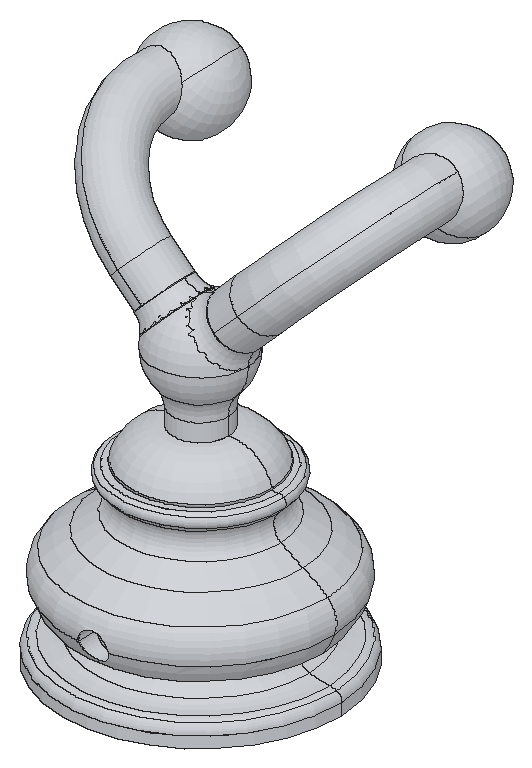
Revit family "Accessory-Robe_Hook-KOHLER-Fairfax-K-12153", category Specialty Equipment, host Face, Revit 2015
Parameters (values of type "CP-Polished Chrome")
  Width = 2 1/2"  # constant formula
  URL = "https://www.us.kohler.com/us/"
  Type = 1
  Product Page URL = "http://www.us.kohler.com/us/catalog/productDetails.jsp?productNumber=12153"
  Product Name = "Fairfax"  # constant formula
  Product Documentation Link = "http://www.us.kohler.com/onlinecatalog/pdf/K-12153_spec.pdf"
  Model = if(Type = 1, "K-12153-CP", if(Type = 2, "K-12153-BN", if(Type = 3, "K-12153-2BZ", "NA")))  # "K-12153-CP"
  Material = "Brass Construction"  # constant formula
  MasterFormat 2004 = "10.28.13"  # constant formula
  MasterFormat 1995 = "10820"  # constant formula
  Manufacturer Address = "444 Highland Dr, Kohler, WI 53044"  # constant formula
  Manufacturer = "KOHLER Co."  # constant formula
  Length = 4"  # constant formula
  Height = 1 3/4"  # constant formula
  Finish = Kohler-Metal-CP-Polished_Chrome
  Environmental Product Declaration = ""
  Description = "Double robe hook"  # constant formula
  Default Elevation = 42"
  Declare Label = ""
  Date Modified = "11/28/2018"  # constant formula
  Date Created = "11/28/2018"  # constant formula
  Copyright = "Copyright KOHLER Co."  # constant formula
  Contact Us = "https://www.us.kohler.com/us/static/contact.jsp"
  Assembly Code = "C1030200"
  ADA Compliant = 1 = 0  # no
Types (4): name | Type | Model | Finish
  (no name) | 1 | "K-12153-CP" | Kohler-Metal-CP-Polished_Chrome
  CP-Polished Chrome | 1 | "K-12153-CP" | Kohler-Metal-CP-Polished_Chrome
  2BZ-Oil-Rubbed Bronze | 3 | "K-12153-2BZ" | Kohler-Metal-2BZ-Oil_Rubbed_Bronze
  BN-Vibrant Brushed Nickel | 2 | "K-12153-BN" | Kohler-Metal-BN-Vibrant_Brushed_Nickel
Reference planes (in)
  plane 1 "Center (Front/Back)": y = 0
  plane 2: z = 0
  plane 3 "Center (Left/Right)": x = 0
  plane 4: x = 1.25
  plane 5: x = -1.25
  plane 6: y = 1.25
  plane 7: y = -1.25
  plane 8: z = 4
  plane 9: y = 1.75
Dimensions and locks (in)
  "Width": plane 7 to plane 6
  "Length": plane 8 to level
  "Height": plane 9 to plane 1 "Center (Front/Back)"
  aligned and locked: plane 2 to host face
  aligned and locked: level to host face
Automatic sketch dimensions
  host sketch curve to host sketch curve = 96"  (x2)
Nested families (in)
  nested 1: "K-12153" at (0, 0, 0), type "K-12153"
Definition of nested family "K-12153"
  Parameters (values of type "K-12153")
    Material = none
  Reference planes (in)
    plane 1 "Center (Front/Back)": y = 0
    plane 2: z = 0
    plane 3 "Center (Left/Right)": x = 0
    plane 4: x = 1.25
    plane 5: x = -1.25
    plane 6: y = 1.25
    plane 7: y = -1.25
    plane 8: z = 4
    plane 9: y = 1.75
  Forms (in)
    Revolve 1, solid, material <- "Material", detail levels medium+fine
      sketch origin (0, 0, 0) x (1, 0, 0) y (0, 0, 1)
        loop
          arc (-0.79194, 0.44291) -> (-0.85448, 0.32376) -> (-0.95937, 0.23946) r 0.33016
          arc (-0.95937, 0.23946) -> (-1.04471, 0.20878) -> (-1.135, 0.20044) r 0.35922
          arc (-1.135, 0.20044) -> (-1.1676, 0.19631) -> (-1.19723, 0.18211) r 0.10282
          arc (-1.19723, 0.18211) -> (-1.22878, 0.14632) -> (-1.24016, 0.09999) r 0.10001
          line (-1.24016, 0.09999) -> (-1.24016, 0) -> (0, 0) -> (0, 2.90092)
          arc (0, 2.90092) -> (-0.30513, 2.773) -> (-0.42528, 2.46472) r 0.42373
          arc (-0.42528, 2.46472) -> (-0.39531, 2.3198) -> (-0.3176, 2.19385) r 0.42629
          arc (-0.3176, 2.19385) -> (-0.26598, 2.10879) -> (-0.24799, 2.01093) r 0.27514
          line (-0.24799, 2.01093) -> (-0.24799, 1.85704)
          arc (-0.24799, 1.85704) -> (-0.48703, 1.78492) -> (-0.63402, 1.58309) r 0.39198
          arc (-0.63402, 1.58309) -> (-0.63107, 1.5652) -> (-0.61489, 1.55701) r 0.02006
          line (-0.61489, 1.55701) -> (-0.6875, 1.55701)
          arc (-0.6875, 1.55701) -> (-0.712, 1.55133) -> (-0.73263, 1.53692) r 0.06629
          arc (-0.73263, 1.53692) -> (-0.75005, 1.49395) -> (-0.73263, 1.45097) r 0.06172
          arc (-0.73263, 1.45097) -> (-0.71118, 1.42875) -> (-0.68985, 1.40642) r 5.95788
          arc (-0.68985, 1.40642) -> (-0.64659, 1.28732) -> (-0.70447, 1.17461) r 0.15842
          arc (-0.70447, 1.17461) -> (-0.79979, 1.10425) -> (-0.90154, 1.04357) r 1.20802
          arc (-0.90154, 1.04357) -> (-1.01456, 0.97302) -> (-1.11673, 0.8875) r 0.96066
          arc (-1.11673, 0.8875) -> (-1.18929, 0.75998) -> (-1.18093, 0.61349) r 0.25901
          arc (-1.18093, 0.61349) -> (-1.14027, 0.52422) -> (-1.08539, 0.44291) r 0.59031
          line (-1.08539, 0.44291) -> (-0.79194, 0.44291)
        axis (0, 2.90092) -> (0, 0)
      angle from 0 to 360
    Extrusion 2, void
      sketch origin (0, 0, 0) x (1, 0, 0) y (0, 0, 1)
        loop
          circle (0, 0.62193) r 0.13243
      from 0.97496 to 1.21449
    Revolve 3, solid, material <- "Material", detail levels medium+fine
      sketch origin (-1.15165, -0.03135, 3.58496) x (0.707107, 0, 0.707107) y (0, 1, 0)
        loop
          line (-0.41569, 1.3621) -> (0.41504, 1.3621)
          arc (0.41504, 1.3621) -> (-0.00032, 1.77747) -> (-0.41569, 1.3621) r 0.41536
        axis (-0.41569, 1.3621) -> (0.41504, 1.3621)
      angle from 0 to 360
    Sweep 4, solid, material <- "Material", detail levels medium+fine
      path origin (0.92979, 0.00381, 1.54564) x (0, 1, 0) y (-0.707107, 0, 0.707107)
        loop
          line (0, 1.76394) -> (0, 2.06028)
          arc (0, 2.06028) -> (0.34866, 2.79965) -> (1.14093, 3.00099) r 0.95828
      profile origin (-0.3175, 0.00381, 2.79293) x (0, -1, 0) y (0.707107, 0, 0.707107)
        loop
          spline (0.25185, 0) -> (0.2434, 0.0647) -> (0.21861, 0.125) -> (0.17918, 0.17678) -> (0.12779, 0.21651) -> (0.06794, 0.24148) -> (0.00372, 0.25) -> (-0.0605, 0.24148) -> (-0.12034, 0.21651) -> (-0.17173, 0.17678) -> (-0.21116, 0.125) -> (-0.23595, 0.0647) -> (-0.2444, 0)
          spline (-0.2444, 0) -> (-0.23595, -0.0647) -> (-0.21116, -0.125) -> (-0.17173, -0.17678) -> (-0.12034, -0.21651) -> (-0.0605, -0.24148) -> (0.00372, -0.25) -> (0.06794, -0.24148) -> (0.12779, -0.21651) -> (0.17918, -0.17678) -> (0.21861, -0.125) -> (0.2434, -0.0647) -> (0.25185, 0)
    Revolve 5, solid, material <- "Material", detail levels medium+fine
      sketch origin (1.15165, -0.03135, 3.58496) x (-0.707107, 0, 0.707107) y (0, -1, 0)
        loop
          arc (-0.41569, -1.3621) -> (-0.00032, -1.77747) -> (0.41504, -1.3621) r 0.41536
          line (0.41504, -1.3621) -> (-0.41569, -1.3621)
        axis (-0.41569, -1.3621) -> (0.41504, -1.3621)
      angle from 0 to 360
    Sweep 6, solid, material <- "Material", detail levels medium+fine
      path origin (-0.92979, 0.00381, 1.54564) x (0, 1, 0) y (-0.707107, 0, -0.707107)
        loop
          line (0, -1.76394) -> (0, -2.06028)
          arc (0, -2.06028) -> (0.34866, -2.79965) -> (1.14093, -3.00099) r 0.95828
      profile origin (0.3175, 0.00381, 2.79293) x (0, 1, 0) y (-0.707107, 0, 0.707107)
        loop
          spline (-0.25185, 0) -> (-0.2434, -0.0647) -> (-0.21861, -0.125) -> (-0.17918, -0.17678) -> (-0.12779, -0.21651) -> (-0.06794, -0.24148) -> (-0.00372, -0.25) -> (0.0605, -0.24148) -> (0.12034, -0.21651) -> (0.17173, -0.17678) -> (0.21116, -0.125) -> (0.23595, -0.0647) -> (0.2444, 0)
          spline (0.2444, 0) -> (0.23595, 0.0647) -> (0.21116, 0.125) -> (0.17173, 0.17678) -> (0.12034, 0.21651) -> (0.0605, 0.24148) -> (-0.00372, 0.25) -> (-0.06794, 0.24148) -> (-0.12779, 0.21651) -> (-0.17918, 0.17678) -> (-0.21861, 0.125) -> (-0.2434, 0.0647) -> (-0.25185, 0)
    Revolve 7, solid, material <- "Material", detail levels medium+fine
      sketch origin (0, 0, 0) x (-1, 0, 0) y (0, 0, 1)
        loop
          line (-0.3175, 2.79293) -> (-0.49305, 2.61738)
          arc (-0.49305, 2.61738) -> (-0.44265, 2.54614) -> (-0.42292, 2.46112) r 0.22657
          line (-0.42292, 2.46112) -> (-0.2043, 2.67974) -> (-0.3175, 2.79293)
        axis (-0.3175, 2.79293) -> (-0.2043, 2.67974)
      angle from 0 to 360
    Revolve 8, solid, material <- "Material", detail levels medium+fine
      sketch origin (0, 0, 0) x (1, 0, 0) y (0, 0, 1)
        loop
          line (-0.3175, 2.79293) -> (-0.49305, 2.61738)
          arc (-0.49305, 2.61738) -> (-0.44265, 2.54614) -> (-0.42292, 2.46112) r 0.22657
          line (-0.42292, 2.46112) -> (-0.2043, 2.67974) -> (-0.3175, 2.79293)
        axis (-0.3175, 2.79293) -> (-0.2043, 2.67974)
      angle from 0 to 360
    Revolve 9, solid, material <- "Material", detail levels coarse
      sketch origin (0, 0, 0) x (0, 1, 0) y (0, 0, 1)
        loop
          line (1.25, 0) -> (1.25, 0.20355) -> (1.08539, 0.20355) -> (1.08539, 1.55701) -> (0.61489, 1.55701) -> (0.61489, 1.85704) -> (0.3182, 1.85704) -> (0.3182, 2.04137)
          arc (0.3182, 2.04137) -> (0.50815, 2.60553) -> (0, 2.9156) r 0.47699
          line (0, 2.9156) -> (0, 0) -> (1.25, 0)
        axis (0, 2.9156) -> (0, 0)
      angle from 0 to 360
    Sweep 10, solid, material <- "Material", detail levels coarse
      path origin (-0.95246, 0.00381, 1.51439) x (0, 1, 0) y (-0.707107, 0, -0.707107)
        loop
          line (0, -1.46516) -> (0, -2.06028)
          arc (0, -2.06028) -> (0.34866, -2.79965) -> (1.14093, -3.00099) r 0.95828
      profile origin (0.08357, 0.00381, 2.55041) x (0, 1, 0) y (-0.707107, 0, 0.707107)
        loop
          spline (-0.3636, 0) -> (-0.35134, -0.09133) -> (-0.31538, -0.17643) -> (-0.25819, -0.2495) -> (-0.18366, -0.30558) -> (-0.09687, -0.34083) -> (-0.00372, -0.35285) -> (0.08942, -0.34083) -> (0.17621, -0.30558) -> (0.25075, -0.2495) -> (0.30794, -0.17643) -> (0.34389, -0.09133) -> (0.35615, 0)
          spline (0.35615, 0) -> (0.34389, 0.09133) -> (0.30794, 0.17643) -> (0.25075, 0.2495) -> (0.17621, 0.30558) -> (0.08942, 0.34083) -> (-0.00372, 0.35285) -> (-0.09687, 0.34083) -> (-0.18366, 0.30558) -> (-0.25819, 0.2495) -> (-0.31538, 0.17643) -> (-0.35134, 0.09133) -> (-0.3636, 0)
    Revolve 11, solid, material <- "Material", detail levels coarse
      sketch origin (1.15165, -0.03135, 3.58496) x (-0.707107, 0, 0.707107) y (0, -1, 0)
        loop
          arc (-0.53412, -1.3621) -> (-0.00032, -1.89589) -> (0.53347, -1.3621) r 0.53379
          line (0.53347, -1.3621) -> (-0.53412, -1.3621)
        axis (-0.53412, -1.3621) -> (0.53347, -1.3621)
      angle from 0 to 360
    Sweep 12, solid, material <- "Material", detail levels coarse
      path origin (0.95246, 0.00381, 1.51439) x (0, 1, 0) y (-0.707107, 0, 0.707107)
        loop
          line (0, 1.46516) -> (0, 2.06028)
          arc (0, 2.06028) -> (0.34866, 2.79965) -> (1.14093, 3.00099) r 0.95828
      profile origin (-0.08357, 0.00381, 2.55041) x (0, -1, 0) y (0.707107, 0, 0.707107)
        loop
          spline (0.3636, 0) -> (0.35134, 0.09133) -> (0.31538, 0.17643) -> (0.25819, 0.2495) -> (0.18366, 0.30558) -> (0.09687, 0.34083) -> (0.00372, 0.35285) -> (-0.08942, 0.34083) -> (-0.17621, 0.30558) -> (-0.25075, 0.2495) -> (-0.30794, 0.17643) -> (-0.34389, 0.09133) -> (-0.35615, 0)
          spline (-0.35615, 0) -> (-0.34389, -0.09133) -> (-0.30794, -0.17643) -> (-0.25075, -0.2495) -> (-0.17621, -0.30558) -> (-0.08942, -0.34083) -> (0.00372, -0.35285) -> (0.09687, -0.34083) -> (0.18366, -0.30558) -> (0.25819, -0.2495) -> (0.31538, -0.17643) -> (0.35134, -0.09133) -> (0.3636, 0)
    Revolve 13, solid, material <- "Material", detail levels coarse
      sketch origin (-1.15165, -0.03135, 3.58496) x (0.707107, 0, 0.707107) y (0, 1, 0)
        loop
          line (-0.53412, 1.3621) -> (0.53347, 1.3621)
          arc (0.53347, 1.3621) -> (-0.00032, 1.89589) -> (-0.53412, 1.3621) r 0.53379
        axis (-0.53412, 1.3621) -> (0.53347, 1.3621)
      angle from 0 to 360
  Cuts and joins
    Extrusion 2 cuts Revolve 1
    joined: Revolve 1, Revolve 3, Sweep 4, Revolve 5, Sweep 6
    joined: Revolve 9, Sweep 10, Revolve 11, Sweep 12, Revolve 13
  Lines and regions (in)
    Masking region 1
      outline origin (0, 0, 0) x (1, 0, 0) y (0, 1, 0)
        loop
          arc (-1.23735, 0.17737) -> (-1.24683, 0.08891) -> (-1.25, 0) r 1.25
          arc (-1.25, 0) -> (-0.88388, -0.88388) -> (0, -1.25) r 1.25
          arc (0, -1.25) -> (0.88388, -0.88388) -> (1.25, 0) r 1.25
          arc (1.25, 0) -> (1.24683, 0.08891) -> (1.23735, 0.17737) r 1.25
          arc (1.23735, 0.17737) -> (1.40767, 0.59523) -> (1.45263, 1.04422) r 1.57631
          arc (1.45263, 1.04422) -> (1.53424, 1.49534) -> (1.15304, 1.75) r 0.41801
          arc (1.15304, 1.75) -> (0.74542, 1.43417) -> (0.95753, 0.96416) r 0.41637
          arc (0.95753, 0.96416) -> (0.95503, 0.88975) -> (0.94715, 0.81572) r 1.02799
          arc (0.94715, 0.81572) -> (0.52099, 1.13625) -> (0, 1.25) r 1.25
          arc (0, 1.25) -> (-0.52099, 1.13625) -> (-0.94715, 0.81572) r 1.25
          arc (-0.94715, 0.81572) -> (-0.95503, 0.88975) -> (-0.95753, 0.96416) r 1.02799
          arc (-0.95753, 0.96416) -> (-0.74542, 1.43417) -> (-1.15304, 1.75) r 0.41637
          arc (-1.15304, 1.75) -> (-1.53424, 1.49534) -> (-1.45263, 1.04422) r 0.41801
          arc (-1.45263, 1.04422) -> (-1.40767, 0.59523) -> (-1.23735, 0.17737) r 1.57631
    Masking region 2
      outline origin (0, 0, 0) x (1, 0, 0) y (0, 0, 1)
        loop
          line (0.79194, 0.44291) -> (1.08539, 0.44291)
          arc (1.08539, 0.44291) -> (1.12115, 0.49211) -> (1.15108, 0.54506) r 0.53319
          arc (1.15108, 0.54506) -> (1.16651, 0.57834) -> (1.18037, 0.6123) r 0.78731
          arc (1.18037, 0.6123) -> (1.19654, 0.7099) -> (1.17345, 0.8061) r 0.24908
          arc (1.17345, 0.8061) -> (1.14089, 0.8598) -> (1.09743, 0.90512) r 0.28701
          arc (1.09743, 0.90512) -> (1.04735, 0.94587) -> (0.99617, 0.98521) r 2.33532
          arc (0.99617, 0.98521) -> (0.94288, 1.02124) -> (0.88645, 1.0521) r 0.68442
          arc (0.88645, 1.0521) -> (0.78753, 1.10986) -> (0.69837, 1.18177) r 0.7637
          arc (0.69837, 1.18177) -> (0.65501, 1.24988) -> (0.64963, 1.33045) r 0.1631
          arc (0.64963, 1.33045) -> (0.66771, 1.37872) -> (0.70123, 1.41788) r 0.14814
          arc (0.70123, 1.41788) -> (0.72088, 1.4363) -> (0.73797, 1.45712) r 0.20678
          arc (0.73797, 1.45712) -> (0.74302, 1.52236) -> (0.6875, 1.55701) r 0.06311
          line (0.6875, 1.55701) -> (0.61489, 1.55701)
          arc (0.61489, 1.55701) -> (0.63067, 1.56461) -> (0.63422, 1.58175) r 0.01978
          arc (0.63422, 1.58175) -> (0.48787, 1.785) -> (0.24799, 1.85704) r 0.38933
          line (0.24799, 1.85704) -> (0.24799, 2.01003)
          arc (0.24799, 2.01003) -> (0.25923, 2.08841) -> (0.29206, 2.16047) r 0.27883
          arc (0.29206, 2.16047) -> (0.31573, 2.19368) -> (0.34257, 2.22439) r 0.41273
          arc (0.34257, 2.22439) -> (0.40216, 2.33617) -> (0.42292, 2.46112) r 0.39131
          arc (0.42292, 2.46112) -> (0.44406, 2.54533) -> (0.49428, 2.61616) r 0.23551
          line (0.49428, 2.61616) -> (1.05825, 3.18013)
          arc (1.05825, 3.18013) -> (1.56609, 3.53389) -> (1.15892, 4) r 0.41551
          arc (1.15892, 4) -> (0.85493, 3.87381) -> (0.73741, 3.56637) r 0.41661
          line (0.73741, 3.56637) -> (0.14074, 2.9697)
          arc (0.14074, 2.9697) -> (0.07611, 2.92355) -> (0, 2.90089) r 0.24126
          arc (0, 2.90089) -> (-0.07611, 2.92355) -> (-0.14074, 2.9697) r 0.24126
          line (-0.14074, 2.9697) -> (-0.73741, 3.56637)
          arc (-0.73741, 3.56637) -> (-0.85493, 3.87381) -> (-1.15892, 4) r 0.41661
          arc (-1.15892, 4) -> (-1.56609, 3.53389) -> (-1.05825, 3.18013) r 0.41551
          line (-1.05825, 3.18013) -> (-0.49428, 2.61616)
          arc (-0.49428, 2.61616) -> (-0.44406, 2.54533) -> (-0.42292, 2.46112) r 0.23551
          arc (-0.42292, 2.46112) -> (-0.40216, 2.33617) -> (-0.34257, 2.22439) r 0.39131
          arc (-0.34257, 2.22439) -> (-0.31573, 2.19368) -> (-0.29206, 2.16047) r 0.41273
          arc (-0.29206, 2.16047) -> (-0.25923, 2.08841) -> (-0.24799, 2.01003) r 0.27883
          line (-0.24799, 2.01003) -> (-0.24799, 1.85704)
          arc (-0.24799, 1.85704) -> (-0.48787, 1.785) -> (-0.63422, 1.58175) r 0.38933
          arc (-0.63422, 1.58175) -> (-0.63067, 1.56461) -> (-0.61489, 1.55701) r 0.01978
          line (-0.61489, 1.55701) -> (-0.6875, 1.55701)
          arc (-0.6875, 1.55701) -> (-0.74302, 1.52236) -> (-0.73797, 1.45712) r 0.06311
          arc (-0.73797, 1.45712) -> (-0.72088, 1.4363) -> (-0.70123, 1.41788) r 0.20678
          arc (-0.70123, 1.41788) -> (-0.66771, 1.37872) -> (-0.64963, 1.33045) r 0.14814
          arc (-0.64963, 1.33045) -> (-0.65501, 1.24988) -> (-0.69837, 1.18177) r 0.1631
          arc (-0.69837, 1.18177) -> (-0.78753, 1.10986) -> (-0.88645, 1.0521) r 0.7637
          arc (-0.88645, 1.0521) -> (-0.94288, 1.02124) -> (-0.99617, 0.98521) r 0.68442
          arc (-0.99617, 0.98521) -> (-1.04735, 0.94587) -> (-1.09743, 0.90512) r 2.33532
          arc (-1.09743, 0.90512) -> (-1.14089, 0.8598) -> (-1.17345, 0.8061) r 0.28701
          arc (-1.17345, 0.8061) -> (-1.19654, 0.7099) -> (-1.18037, 0.6123) r 0.24908
          arc (-1.18037, 0.6123) -> (-1.16651, 0.57834) -> (-1.15108, 0.54506) r 0.78731
          arc (-1.15108, 0.54506) -> (-1.12115, 0.49211) -> (-1.08539, 0.44291) r 0.53319
          line (-1.08539, 0.44291) -> (-0.79194, 0.44291)
          arc (-0.79194, 0.44291) -> (-0.90831, 0.27208) -> (-1.10223, 0.20049) r 0.33924
          line (-1.10223, 0.20049) -> (-1.14928, 0.20049)
          arc (-1.14928, 0.20049) -> (-1.22039, 0.17214) -> (-1.25, 0.10154) r 0.09896
          line (-1.25, 0.10154) -> (-1.25, 0) -> (0, 0) -> (1.25, 0) -> (1.25, 0.10154)
          arc (1.25, 0.10154) -> (1.22039, 0.17214) -> (1.14928, 0.20049) r 0.09896
          line (1.14928, 0.20049) -> (1.10223, 0.20049)
          arc (1.10223, 0.20049) -> (0.90831, 0.27208) -> (0.79194, 0.44291) r 0.33924
    Masking region 3
      outline origin (0, 0, 0) x (0, 1, 0) y (0, 0, 1)
        loop
          arc (1.09455, 3.92601) -> (0.78689, 3.92437) -> (0.48643, 3.85816) r 1.4569
          arc (0.48643, 3.85816) -> (0.22737, 3.73902) -> (0, 3.56697) r 1.31824
          arc (0, 3.56697) -> (-0.11716, 3.42603) -> (-0.19709, 3.2611) r 0.75836
          arc (-0.19709, 3.2611) -> (-0.23535, 3.10977) -> (-0.24821, 2.9542) r 0.94675
          line (-0.24821, 2.9542) -> (-0.24821, 2.82144)
          arc (-0.24821, 2.82144) -> (-0.425, 2.52099) -> (-0.31454, 2.19035) r 0.42075
          arc (-0.31454, 2.19035) -> (-0.26545, 2.10623) -> (-0.24799, 2.01034) r 0.27795
          line (-0.24799, 2.01034) -> (-0.24799, 1.85704)
          arc (-0.24799, 1.85704) -> (-0.48797, 1.78439) -> (-0.63455, 1.58096) r 0.39122
          arc (-0.63455, 1.58096) -> (-0.63115, 1.56371) -> (-0.61489, 1.55701) r 0.01858
          line (-0.61489, 1.55701) -> (-0.6875, 1.55701)
          arc (-0.6875, 1.55701) -> (-0.74158, 1.52576) -> (-0.74192, 1.46331) r 0.06277
          arc (-0.74192, 1.46331) -> (-0.68956, 1.40866) -> (-0.65208, 1.34291) r 0.3086
          arc (-0.65208, 1.34291) -> (-0.6427, 1.28633) -> (-0.65951, 1.2315) r 0.12531
          arc (-0.65951, 1.2315) -> (-0.70917, 1.16811) -> (-0.77405, 1.12043) r 0.29645
          arc (-0.77405, 1.12043) -> (-0.93631, 1.02304) -> (-1.08959, 0.91205) r 2.19786
          arc (-1.08959, 0.91205) -> (-1.14762, 0.8504) -> (-1.18545, 0.77465) r 0.29114
          arc (-1.18545, 0.77465) -> (-1.19702, 0.69912) -> (-1.18344, 0.62392) r 0.23215
          arc (-1.18344, 0.62392) -> (-1.15664, 0.55919) -> (-1.1237, 0.49736) r 0.72257
          arc (-1.1237, 0.49736) -> (-1.10557, 0.46942) -> (-1.08539, 0.44291) r 0.44297
          line (-1.08539, 0.44291) -> (-0.79194, 0.44291)
          arc (-0.79194, 0.44291) -> (-0.90559, 0.27504) -> (-1.09411, 0.20049) r 0.34348
          line (-1.09411, 0.20049) -> (-1.15081, 0.20049)
          arc (-1.15081, 0.20049) -> (-1.22101, 0.17082) -> (-1.25, 0.10034) r 0.10016
          line (-1.25, 0.10034) -> (-1.25, 0) -> (0, 0) -> (1.25, 0) -> (1.25, 0.10034)
          arc (1.25, 0.10034) -> (1.22101, 0.17082) -> (1.15081, 0.20049) r 0.10016
          line (1.15081, 0.20049) -> (1.09411, 0.20049)
          arc (1.09411, 0.20049) -> (0.90559, 0.27504) -> (0.79194, 0.44291) r 0.34348
          line (0.79194, 0.44291) -> (1.08539, 0.44291)
          arc (1.08539, 0.44291) -> (1.10557, 0.46942) -> (1.1237, 0.49736) r 0.44297
          arc (1.1237, 0.49736) -> (1.15664, 0.55919) -> (1.18344, 0.62392) r 0.72257
          arc (1.18344, 0.62392) -> (1.19702, 0.69912) -> (1.18545, 0.77465) r 0.23215
          arc (1.18545, 0.77465) -> (1.14762, 0.8504) -> (1.08959, 0.91205) r 0.29114
          arc (1.08959, 0.91205) -> (0.93631, 1.02304) -> (0.77405, 1.12043) r 2.19786
          arc (0.77405, 1.12043) -> (0.70917, 1.16811) -> (0.65951, 1.2315) r 0.29645
          arc (0.65951, 1.2315) -> (0.6427, 1.28633) -> (0.65208, 1.34291) r 0.12531
          arc (0.65208, 1.34291) -> (0.68956, 1.40866) -> (0.74192, 1.46331) r 0.3086
          arc (0.74192, 1.46331) -> (0.74158, 1.52576) -> (0.6875, 1.55701) r 0.06277
          line (0.6875, 1.55701) -> (0.61489, 1.55701)
          arc (0.61489, 1.55701) -> (0.63115, 1.56371) -> (0.63455, 1.58096) r 0.01858
          arc (0.63455, 1.58096) -> (0.48797, 1.78439) -> (0.24799, 1.85704) r 0.39122
          line (0.24799, 1.85704) -> (0.24838, 2.01034)
          arc (0.24838, 2.01034) -> (0.26545, 2.10623) -> (0.31454, 2.19035) r 0.27795
          arc (0.31454, 2.19035) -> (0.425, 2.52099) -> (0.24821, 2.82144) r 0.42075
          line (0.24821, 2.82144) -> (0.24821, 2.9542)
          arc (0.24821, 2.9542) -> (0.25367, 3.02708) -> (0.2699, 3.09835) r 0.48986
          arc (0.2699, 3.09835) -> (0.33996, 3.20113) -> (0.43316, 3.28351) r 0.50146
          arc (0.43316, 3.28351) -> (0.5523, 3.35064) -> (0.68121, 3.39629) r 0.79271
          arc (0.68121, 3.39629) -> (0.81168, 3.42231) -> (0.94427, 3.43326) r 1.16362
          arc (0.94427, 3.43326) -> (1.41647, 3.17344) -> (1.75, 3.59681) r 0.41668
          arc (1.75, 3.59681) -> (1.62256, 3.88261) -> (1.33248, 4) r 0.41826
          arc (1.33248, 4) -> (1.20787, 3.98114) -> (1.09455, 3.92601) r 0.41804
    symbolic lines, detail levels medium+fine
      curve 1: spline (0, 0.94427, 3.43326) -> (0, 0.95689, 3.43859) -> (0, 0.97378, 3.46034) -> (0, 0.99377, 3.49704) -> (0, 1.01551, 3.54618) -> (0, 1.03751, 3.60442) -> (0, 1.05828, 3.66778) -> (0, 1.0764, 3.73195) -> (0, 1.09064, 3.79255) -> (0, 1.10003, 3.84546) -> (0, 1.10392, 3.88707) -> (0, 1.10205, 3.91454) -> (0, 1.09455, 3.92601)
      curve 2: spline (0, 0, 2.61631) -> (0, 0.03481, 2.61803) -> (0, 0.06893, 2.62317) -> (0, 0.10171, 2.63161) -> (0, 0.13251, 2.64321) -> (0, 0.16072, 2.65773) -> (0, 0.1858, 2.67488) -> (0, 0.20725, 2.69434) -> (0, 0.22465, 2.71572) -> (0, 0.23768, 2.73861) -> (0, 0.24606, 2.76256) -> (0, 0.24965, 2.7871) -> (0, 0.24837, 2.81175)
      curve 3: spline (0, -0.24837, 2.81175) -> (0, -0.24965, 2.7871) -> (0, -0.24606, 2.76256) -> (0, -0.23768, 2.73861) -> (0, -0.22465, 2.71572) -> (0, -0.20725, 2.69434) -> (0, -0.1858, 2.67488) -> (0, -0.16072, 2.65773) -> (0, -0.13251, 2.64321) -> (0, -0.10171, 2.63161) -> (0, -0.06893, 2.62317) -> (0, -0.03481, 2.61803) -> (0, 0, 2.61631)
      curve 4: spline (0, 0.24837, 2.81175) -> (0, 0.27842, 2.77727) -> (0, 0.29901, 2.73947) -> (0, 0.30943, 2.69965) -> (0, 0.30934, 2.65914) -> (0, 0.29874, 2.61934) -> (0, 0.27798, 2.58159) -> (0, 0.24778, 2.54717) -> (0, 0.20916, 2.51726) -> (0, 0.16342, 2.49287) -> (0, 0.11214, 2.47484) -> (0, 0.05704, 2.46376) -> (0, 0, 2.46003)
      curve 5: spline (0, 0, 2.46003) -> (0, -0.05704, 2.46376) -> (0, -0.11214, 2.47484) -> (0, -0.16342, 2.49287) -> (0, -0.20916, 2.51726) -> (0, -0.24778, 2.54717) -> (0, -0.27798, 2.58159) -> (0, -0.29874, 2.61934) -> (0, -0.30934, 2.65914) -> (0, -0.30943, 2.69965) -> (0, -0.29901, 2.73947) -> (0, -0.27842, 2.77727) -> (0, -0.24837, 2.81175)
      curve 6: line (0, -0.61489, 1.55701) -> (0, 0.6875, 1.55701)
      curve 7: line (0, -0.79194, 0.44291) -> (0, 1.08539, 0.44291)
      curve 8: line (0, 0.24799, 1.85704) -> (0, -0.24799, 1.85704)
      curve 9: line (0, 1.09411, 0.20049) -> (0, -1.09411, 0.20049)
      curve 10: arc (0.73741, 0, 3.56637) -> (0.83296, 0, 3.31936) -> (1.05825, 0, 3.18013) r 0.41586
      curve 11: arc (-0.73741, 0, 3.56637) -> (-0.83296, 0, 3.31936) -> (-1.05825, 0, 3.18013) r 0.41586
      curve 12: line (0.24799, 0, 1.85704) -> (-0.24799, 0, 1.85704)
      curve 13: line (0.61489, 0, 1.55701) -> (-0.61489, 0, 1.55701)
      curve 14: line (0.79194, 0, 0.44291) -> (-0.79194, 0, 0.44291)
      curve 15: line (1.10223, 0, 0.20049) -> (-1.10223, 0, 0.20049)
      curve 16: line (0.70123, 0, 1.41788) -> (-0.70123, 0, 1.41788)
      curve 17: line (0.42292, 0, 2.46112) -> (0, 0, 2.88404)
      curve 18: line (-0.42401, 0, 2.46003) -> (0, 0, 2.88404)
      curve 19: spline (-0.97557, 1.00696, 0) -> (-0.99162, 1.02079, 0) -> (-1.0136, 1.03471, 0) -> (-1.04089, 1.04834, 0) -> (-1.07277, 1.06131, 0) -> (-1.10837, 1.07326, 0) -> (-1.1467, 1.08386, 0) -> (-1.18674, 1.09284, 0) -> (-1.22738, 1.09994, 0) -> (-1.26753, 1.10497, 0) -> (-1.30608, 1.10779, 0) -> (-1.34199, 1.10834, 0) -> (-1.37429, 1.10658, 0)
      curve 20: spline (-0.96134, 0.99083, 0) -> (-0.96212, 0.99214, 0) -> (-0.96298, 0.99345, 0) -> (-0.96391, 0.99478, 0) -> (-0.96491, 0.99611, 0) -> (-0.96599, 0.99745, 0) -> (-0.96714, 0.99879, 0) -> (-0.96836, 1.00014, 0) -> (-0.96966, 1.00149, 0) -> (-0.97103, 1.00285, 0) -> (-0.97247, 1.00422, 0) -> (-0.97398, 1.00559, 0) -> (-0.97557, 1.00696, 0)
      curve 21: spline (-1.37429, 1.10658, 0) -> (-1.38242, 1.10515, 0) -> (-1.39017, 1.10357, 0) -> (-1.39754, 1.10182, 0) -> (-1.40449, 1.09993, 0) -> (-1.41103, 1.09788, 0) -> (-1.41713, 1.09569, 0) -> (-1.42279, 1.09336, 0) -> (-1.428, 1.09089, 0) -> (-1.43273, 1.08829, 0) -> (-1.43699, 1.08557, 0) -> (-1.44077, 1.08272, 0) -> (-1.44405, 1.07976, 0)
      curve 22: arc (-1.44405, 1.07976, 0) -> (-1.45336, 1.0632, 0) -> (-1.45263, 1.04422, 0) r 0.03489
      curve 23: arc (-0.95753, 0.96416, 0) -> (-0.9569, 0.97786, 0) -> (-0.96134, 0.99083, 0) r 0.03676
      curve 24: spline (0.97557, 1.00696, 0) -> (0.99162, 1.02079, 0) -> (1.0136, 1.03471, 0) -> (1.04089, 1.04834, 0) -> (1.07277, 1.06131, 0) -> (1.10837, 1.07326, 0) -> (1.1467, 1.08386, 0) -> (1.18674, 1.09284, 0) -> (1.22738, 1.09994, 0) -> (1.26753, 1.10497, 0) -> (1.30608, 1.10779, 0) -> (1.34199, 1.10834, 0) -> (1.37429, 1.10658, 0)
      curve 25: spline (0.96134, 0.99083, 0) -> (0.96212, 0.99214, 0) -> (0.96298, 0.99345, 0) -> (0.96391, 0.99478, 0) -> (0.96491, 0.99611, 0) -> (0.96599, 0.99745, 0) -> (0.96714, 0.99879, 0) -> (0.96836, 1.00014, 0) -> (0.96966, 1.00149, 0) -> (0.97103, 1.00285, 0) -> (0.97247, 1.00422, 0) -> (0.97398, 1.00559, 0) -> (0.97557, 1.00696, 0)
      curve 26: spline (1.37429, 1.10658, 0) -> (1.38242, 1.10515, 0) -> (1.39017, 1.10357, 0) -> (1.39754, 1.10182, 0) -> (1.40449, 1.09993, 0) -> (1.41103, 1.09788, 0) -> (1.41713, 1.09569, 0) -> (1.42279, 1.09336, 0) -> (1.428, 1.09089, 0) -> (1.43273, 1.08829, 0) -> (1.43699, 1.08557, 0) -> (1.44077, 1.08272, 0) -> (1.44405, 1.07976, 0)
      curve 27: arc (1.44405, 1.07976, 0) -> (1.45336, 1.0632, 0) -> (1.45263, 1.04422, 0) r 0.03489
      curve 28: arc (0.95753, 0.96416, 0) -> (0.9569, 0.97786, 0) -> (0.96134, 0.99083, 0) r 0.03676
      curve 29: arc (0.34725, 0.24622, 0) -> (0, 0.42568, 0) -> (-0.34725, 0.24622, 0) r 0.42568
      curve 30: arc (0.34725, -0.24622, 0) -> (0, -0.42568, 0) -> (-0.34725, -0.24622, 0) r 0.42568
      curve 31: spline (-0.34725, 0.24622, 0) -> (-0.32178, 0.24971, 0) -> (-0.29622, 0.24797, 0) -> (-0.27111, 0.24102, 0) -> (-0.24697, 0.22901, 0) -> (-0.22431, 0.21219, 0) -> (-0.20361, 0.19092, 0) -> (-0.1853, 0.16565, 0) -> (-0.16976, 0.13689, 0) -> (-0.15733, 0.10526, 0) -> (-0.14825, 0.07143, 0) -> (-0.14273, 0.03609, 0) -> (-0.14088, 0, 0)
      curve 32: spline (-0.14088, 0, 0) -> (-0.14273, -0.03609, 0) -> (-0.14825, -0.07143, 0) -> (-0.15733, -0.10526, 0) -> (-0.16976, -0.13689, 0) -> (-0.1853, -0.16565, 0) -> (-0.20361, -0.19092, 0) -> (-0.22431, -0.21219, 0) -> (-0.24697, -0.22901, 0) -> (-0.27111, -0.24102, 0) -> (-0.29622, -0.24797, 0) -> (-0.32178, -0.24971, 0) -> (-0.34725, -0.24622, 0)
      curve 33: line (-0.34725, 0.24622, 0) -> (-0.52671, 0.24856, 0)
      curve 34: arc (-0.52671, 0.24856, 0) -> (-0.64006, 0.27368, 0) -> (-0.73399, 0.34192, 0) r 0.28504
      curve 35: arc (-0.73399, 0.34192, 0) -> (-0.8487, 0.50285, 0) -> (-0.92256, 0.68616, 0) r 0.83842
      curve 36: arc (-0.92256, 0.68616, 0) -> (-0.94977, 0.82394, 0) -> (-0.95753, 0.96416, 0) r 1.00564
      curve 37: line (-0.34725, -0.24622, 0) -> (-0.52649, -0.24795, 0)
      curve 38: arc (-0.52649, -0.24795, 0) -> (-0.76456, -0.20882, 0) -> (-0.97535, -0.09147, 0) r 0.70257
      curve 39: arc (-0.97535, -0.09147, 0) -> (-1.11427, 0.03523, 0) -> (-1.23735, 0.17737, 0) r 1.59817
      curve 40: spline (0.34725, 0.24622, 0) -> (0.32178, 0.24971, 0) -> (0.29622, 0.24797, 0) -> (0.27111, 0.24102, 0) -> (0.24697, 0.22901, 0) -> (0.22431, 0.21219, 0) -> (0.20361, 0.19092, 0) -> (0.1853, 0.16565, 0) -> (0.16976, 0.13689, 0) -> (0.15733, 0.10526, 0) -> (0.14825, 0.07143, 0) -> (0.14273, 0.03609, 0) -> (0.14088, 0, 0)
      curve 41: spline (0.14088, 0, 0) -> (0.14273, -0.03609, 0) -> (0.14825, -0.07143, 0) -> (0.15733, -0.10526, 0) -> (0.16976, -0.13689, 0) -> (0.1853, -0.16565, 0) -> (0.20361, -0.19092, 0) -> (0.22431, -0.21219, 0) -> (0.24697, -0.22901, 0) -> (0.27111, -0.24102, 0) -> (0.29622, -0.24797, 0) -> (0.32178, -0.24971, 0) -> (0.34725, -0.24622, 0)
      curve 42: line (0.34725, 0.24622, 0) -> (0.52671, 0.24856, 0)
      curve 43: arc (0.52671, 0.24856, 0) -> (0.64006, 0.27368, 0) -> (0.73399, 0.34192, 0) r 0.28504
      curve 44: arc (0.73399, 0.34192, 0) -> (0.8487, 0.50285, 0) -> (0.92256, 0.68616, 0) r 0.83842
      curve 45: arc (0.92256, 0.68616, 0) -> (0.94977, 0.82394, 0) -> (0.95753, 0.96416, 0) r 1.00564
      curve 46: line (0.34725, -0.24622, 0) -> (0.52649, -0.24795, 0)
      curve 47: arc (0.52649, -0.24795, 0) -> (0.76456, -0.20882, 0) -> (0.97535, -0.09147, 0) r 0.70257
      curve 48: arc (0.97535, -0.09147, 0) -> (1.11427, 0.03523, 0) -> (1.23735, 0.17737, 0) r 1.59817
      curve 49: arc (-0.89787, 0.60982, 0) -> (0, 1.08539, 0) -> (0.89787, 0.60982, 0) r 1.08539
      curve 50: arc (1.08537, 0.00632, 0) -> (0, -1.08539, 0) -> (-1.08537, 0.00632, 0) r 1.08539
      curve 51: arc (-0.71581, -0.22386, 0) -> (0, -0.75, 0) -> (0.71581, -0.22386, 0) r 0.75
      curve 52: arc (-0.59872, -0.24493, 0) -> (0, -0.64689, 0) -> (0.59872, -0.24493, 0) r 0.64689
      curve 53: arc (0.59348, 0.25739, 0) -> (0, 0.64689, 0) -> (-0.59348, 0.25739, 0) r 0.64689
      curve 54: arc (0.68715, 0.30055, 0) -> (0, 0.75, 0) -> (-0.68715, 0.30055, 0) r 0.75
      curve 55: line (0, 0.74192, 1.46331) -> (0, -0.74192, 1.46331)
  Dimensions and locks (in)
    level to plane 8 = 4"  (x2)
    plane 9 to plane 1 "Center (Front/Back)" = 1 3/4"
    aligned and locked: plane 2 to level
